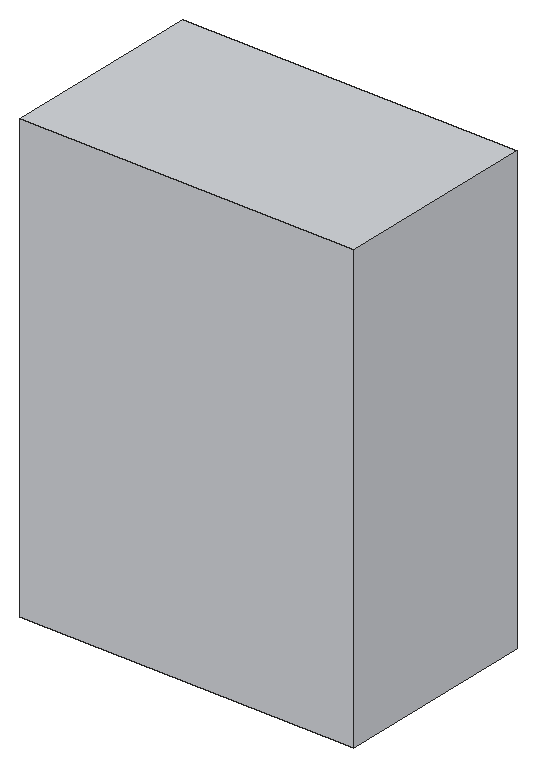
Revit family
Parameters
  hook [instance] = h - 1  # 2
  h [instance] = Unit Width / 0' 8 179/256"  # 3
  ed [instance] = 0' - 8 1/2"
  Warranty Duration (Years) = 0
  Unit Width [instance] = 2' - 6"
  Unit Height [instance] = 0' - 0"
  Unit Depth = 0' - 0"
  URL = "http://www.americanspecialties.com/viewCategories.cfm"
  Trim Material = Rubber
  Test Data = ""
  Specification = "http://www.arcat.com/sdspecs/htm/10810asi.htm"
  SpecWizard = ""
  Send Message = "http://www.arcat.com/users.pl?action=UserEmail&company=American%20Specialties,%20Inc.&coid=30448&rep=139&fax=914-476-0688&mf="
  Sales Information = "http://www.americanspecialties.com/contact"
  Revision = "R1_10-2010"
  Product Properties = "http://www.americanspecialties.com/datasheets/13151.pdf"
  Product Data = "http://www.arcat.com/arcatcos/cos30/arc30448.html"
  Model = "As Specified in 10 28 13"
  Manufacturer Website = "http://www.americanspecialties.com/viewCategories.cfm"
  Manufacturer Phone - Toll Free = ""
  Manufacturer Phone = "914-476-9000 "
  Manufacturer Fax = "914-476-0688"
  Manufacturer Address = "441 Saw Mill River Rd., Yonkers, NY 10701"
  Manufacturer = "American Specialties, Inc."
  Maintenance Schedule (Months) = 0
  Keynote = "10 28 13"
  Installation-Fabrication = "http://www.americanspecialties.com/products.cfm"
  Green Building-LEED = ""
  Expected Lifespan (Years) = 0
  Drawn By = "Robert S. Weygant. CSI, CDT, SCIP"  # constant formula
  Description = "Toilet Accessory as Specified in 10 28 13"
  Default Elevation = 4' - 0"
  Copyright = "©Arcat Inc."
  Construction Details = "http://www.arcat.com/green/clients/leed_data_30448.html"
  Building Codes = "http://www.americanspecialties.com/products.cfm"
  Body Material = Metal - Stainless Steel
  Assembly Code = "C1030210"
Reference planes (in)
  plane 1 "Center (Front/Back)": y = -0.29112
  plane 2 "Floor Line": z = 0
  plane 3 "Center (Left/Right)": x = -0.65843
Forms (in)
  Extrusion 1, solid
    sketch origin (-3, -9, -6) x (0, 0, -1) y (1, 0, 0)
      loop
        line (-82, 56.90407) -> (-82, -0.06991) -> (-6, -0.06991) -> (-6, 56.90407) -> (-82, 56.90407)
    from 9 to -25.60721
  Extrusion 2, solid, material "Metal - Stainless Steel" <- "Body Material"
    sketch origin (-14.31405, -2.48146, -2.61605) x (1, 0, 0) y (0, 0, 1)
      loop
        line (15.15562, 10.61605) -> (18.15562, 10.61605) -> (18.15562, 11.46368) -> (18.03062, 11.46368) -> (18.03062, 10.74105) -> (15.28062, 10.74105) -> (15.28062, 12.51646) -> (15.15562, 12.51646) -> (15.15562, 10.61605)
    from -1.5 to -2.88069
  Extrusion 3, solid, material "Rubber" <- "Trim Material"
    sketch origin (1.375, 0, 4.5) x (1, 0, 0) y (0, 1, 0)
      loop
        arc (1.71876, -0.00164) -> (1.38167, 0.05154) -> (1.04802, -0.02014) r 0.93233
        arc (1.04802, -0.02014) -> (0.90772, -0.07915) -> (0.79313, -0.17932) r 0.47745
        arc (0.79313, -0.17932) -> (0.82811, -0.32067) -> (0.6876, -0.35889) r 0.10417
        arc (0.6876, -0.35889) -> (0.5665, -0.32788) -> (0.49553, -0.22496) r 0.1783
        line (0.49553, -0.22496) -> (0.30272, -0.22496) -> (0.30272, -0.4268)
        arc (0.30272, -0.4268) -> (1.23821, -1.05205) -> (2.33702, -0.8097) r 1.43411
        arc (2.33702, -0.8097) -> (2.14783, -0.3139) -> (1.71876, -0.00164) r 0.93233
    from 3.70633 to 5.00782
  Extrusion 4, solid, material "Rubber" <- "Trim Material"
    sketch origin (1.5, 0, 4.5) x (1, 0, 0) y (0, 1, 0)
      loop
        circle (1.63426, -0.62262) r 0.25
    from 5.00782 to 5.1404
  Extrusion 5, solid, material "Rubber" <- "Trim Material"
    sketch origin (1.5, 0, 4.5) x (1, 0, 0) y (0, 1, 0)
      loop
        circle (0.52944, 0.16479) r 0.08601
      loop
        circle (1.83175, 0.16479) r 0.08601
    from 3.625 to 3.70633
  Extrusion 6, solid, material "Metal - Stainless Steel" <- "Body Material"
    sketch origin (-21.18977, -9.04016, 8) x (0, -1, 0) y (1, 0, 0)
      loop
        line (-7.49904, 20.53134) -> (-7.49904, 50.53134) -> (-9.99904, 50.53134) -> (-9.99904, 20.53134) -> (-7.49904, 20.53134)
    from 0 to -8
  Extrusion 7, solid, material "Metal - Stainless Steel" <- "Body Material"
    sketch origin (5.84157, -1.91667, -2.5) x (0, 1, 0) y (0, 0, 1)
      loop
        line (0.37555, 2.5) -> (0.37555, 7.16667) -> (-3.12445, 2.5) -> (0.37555, 2.5)
    from -2.5 to -4.5
  Extrusion 8, solid, material "Metal - Stainless Steel" <- "Body Material"
    sketch origin (8.84157, 9.56851, 0.88204) x (0, 1, 0) y (0, 0, 1)
      loop
        arc (-8.86039, 7.11796) -> (-8.82914, 7.14921) -> (-8.86039, 7.18046) r 0.03125
        line (-8.86039, 7.18046) -> (-11.60347, 7.18046)
        arc (-11.60347, 7.18046) -> (-12.01131, 7.68046) -> (-11.60347, 8.18046) r 0.51041
        line (-11.60347, 8.18046) -> (-11.19811, 8.18046) -> (-11.19811, 8.24296) -> (-11.60963, 8.24296)
        arc (-11.60963, 8.24296) -> (-12.07381, 7.68046) -> (-11.60963, 7.11796) r 0.57291
        line (-11.60963, 7.11796) -> (-8.86039, 7.11796)
    from 0 to -1
  Extrusion 9, solid, material "Metal - Stainless Steel" <- "Body Material"
    sketch origin (9.68595, -2.48146, -2.61605) x (1, 0, 0) y (0, 0, 1)
      loop
        line (15.15562, 10.61605) -> (18.15562, 10.61605) -> (18.15562, 11.46368) -> (18.03062, 11.46368) -> (18.03062, 10.74105) -> (15.28062, 10.74105) -> (15.28062, 12.51646) -> (15.15562, 12.51646) -> (15.15562, 10.61605)
    from -1.5 to -2.88069
  Extrusion 10, solid, material "Rubber" <- "Trim Material"
    sketch origin (25.375, 0, 4.5) x (1, 0, 0) y (0, 1, 0)
      loop
        arc (1.71876, -0.00164) -> (1.38167, 0.05154) -> (1.04802, -0.02014) r 0.93233
        arc (1.04802, -0.02014) -> (0.90772, -0.07915) -> (0.79313, -0.17932) r 0.47745
        arc (0.79313, -0.17932) -> (0.82811, -0.32067) -> (0.6876, -0.35889) r 0.10417
        arc (0.6876, -0.35889) -> (0.5665, -0.32788) -> (0.49553, -0.22496) r 0.1783
        line (0.49553, -0.22496) -> (0.30272, -0.22496) -> (0.30272, -0.4268)
        arc (0.30272, -0.4268) -> (1.23821, -1.05205) -> (2.33702, -0.8097) r 1.43411
        arc (2.33702, -0.8097) -> (2.14783, -0.3139) -> (1.71876, -0.00164) r 0.93233
    from 3.70633 to 5.00782
  Extrusion 11, solid, material "Rubber" <- "Trim Material"
    sketch origin (25.5, 0, 4.5) x (1, 0, 0) y (0, 1, 0)
      loop
        circle (1.63426, -0.62262) r 0.25
    from 5.00782 to 5.1404
  Extrusion 12, solid, material "Rubber" <- "Trim Material"
    sketch origin (25.5, 0, 4.5) x (1, 0, 0) y (0, 1, 0)
      loop
        circle (0.52944, 0.16479) r 0.08601
      loop
        circle (1.83175, 0.16479) r 0.08601
    from 3.625 to 3.70633
  Extrusion 13, solid, material "Metal - Stainless Steel" <- "Body Material"
    sketch origin (-2.31405, -2.48146, -2.61605) x (1, 0, 0) y (0, 0, 1)
      loop
        line (15.15562, 10.61605) -> (18.15562, 10.61605) -> (18.15562, 11.46368) -> (18.03062, 11.46368) -> (18.03062, 10.74105) -> (15.28062, 10.74105) -> (15.28062, 12.51646) -> (15.15562, 12.51646) -> (15.15562, 10.61605)
    from -1.5 to -2.88069
  Extrusion 14, solid, material "Rubber" <- "Trim Material"
    sketch origin (13.375, 0, 4.5) x (1, 0, 0) y (0, 1, 0)
      loop
        arc (1.71876, -0.00164) -> (1.38167, 0.05154) -> (1.04802, -0.02014) r 0.93233
        arc (1.04802, -0.02014) -> (0.90772, -0.07915) -> (0.79313, -0.17932) r 0.47745
        arc (0.79313, -0.17932) -> (0.82811, -0.32067) -> (0.6876, -0.35889) r 0.10417
        arc (0.6876, -0.35889) -> (0.5665, -0.32788) -> (0.49553, -0.22496) r 0.1783
        line (0.49553, -0.22496) -> (0.30272, -0.22496) -> (0.30272, -0.4268)
        arc (0.30272, -0.4268) -> (1.23821, -1.05205) -> (2.33702, -0.8097) r 1.43411
        arc (2.33702, -0.8097) -> (2.14783, -0.3139) -> (1.71876, -0.00164) r 0.93233
    from 3.70633 to 5.00782
  Extrusion 15, solid, material "Rubber" <- "Trim Material"
    sketch origin (13.5, 0, 4.5) x (1, 0, 0) y (0, 1, 0)
      loop
        circle (1.63426, -0.62262) r 0.25
    from 5.00782 to 5.1404
  Extrusion 16, solid, material "Rubber" <- "Trim Material"
    sketch origin (13.5, 0, 4.5) x (1, 0, 0) y (0, 1, 0)
      loop
        circle (0.52944, 0.16479) r 0.08601
      loop
        circle (1.83175, 0.16479) r 0.08601
    from 3.625 to 3.70633
  Extrusion 17, solid, material "Metal - Stainless Steel" <- "Body Material"
    sketch origin (22.84157, -1.91667, -2.5) x (0, 1, 0) y (0, 0, -1)
      loop
        line (0.37555, -2.5) -> (-3.12445, -2.5) -> (0.37555, -7.16667) -> (0.37555, -2.5)
    from -2.5 to -4.5
  Extrusion 18, solid, material "Metal - Stainless Steel" <- "Body Material"
    sketch origin (-0.65843, 0, 0) x (0, 1, 0) y (0, 0, 1)
      loop
        circle (-1.79112, 3.25) r 0.125
    from 2 to 28
  Extrusion 19, solid, material "Metal - Stainless Steel" <- "Body Material"
    sketch origin (20.84157, 9.56851, 0.88204) x (0, 1, 0) y (0, 0, 1)
      loop
        arc (-8.86039, 7.11796) -> (-8.82914, 7.14921) -> (-8.86039, 7.18046) r 0.03125
        line (-8.86039, 7.18046) -> (-11.60347, 7.18046)
        arc (-11.60347, 7.18046) -> (-12.01131, 7.68046) -> (-11.60347, 8.18046) r 0.51041
        line (-11.60347, 8.18046) -> (-11.19811, 8.18046) -> (-11.19811, 8.24296) -> (-11.60963, 8.24296)
        arc (-11.60963, 8.24296) -> (-12.07381, 7.68046) -> (-11.60963, 7.11796) r 0.57291
        line (-11.60963, 7.11796) -> (-8.86039, 7.11796)
    from 0 to -1
Dimensions and locks (in)
  "Unit Width": Extrusion 6 to Extrusion 6
  locked: Extrusion 6 to Extrusion 2 at 1.5
  locked: Extrusion 9 to Extrusion 6 at 1.5
  locked: Extrusion 17 to Extrusion 6 at 2
  locked: Extrusion 6 to Extrusion 7 at 2
  locked: Extrusion 17 to Extrusion 17 at 2
  locked: Extrusion 7 to Extrusion 7 at 2
  "ed": Extrusion 6 to Extrusion 8
  group 1 to group 2 = 1' - 0"
  group 1 to group 2 = 0' - 0"  (x2)
  "ed": Extrusion 19 to Extrusion 6
  aligned and locked: Extrusion 1 to level
  aligned and locked: Extrusion 3 to Extrusion 4
  aligned and locked: Extrusion 10 to Extrusion 11
  aligned and locked: Extrusion 14 to Extrusion 15
  aligned and locked: Extrusion 7 to Extrusion 18
  aligned and locked: Extrusion 17 to Extrusion 18
Automatic sketch dimensions
  Extrusion 1 sketch curve to Extrusion 1 sketch curve = 6' - 4"
  Extrusion 1 sketch curve to Extrusion 1 sketch curve = 4' - 8.97398"
  Extrusion 6 sketch curve to plane 3 "Center (Left/Right)" = 0' - 0"
  Extrusion 6 sketch curve to plane 1 "Center (Front/Back)" = 0' - 1 1/4"
  plane 1 "Center (Front/Back)" to Extrusion 6 sketch curve = 0' - 1 1/4"
  plane 3 "Center (Left/Right)" to Extrusion 6 sketch curve = 2' - 6"
  Extrusion 7 sketch curve to level = 0' - 0"
  plane 1 "Center (Front/Back)" to Extrusion 7 sketch curve = 0' - 4 3/4"
  plane 1 "Center (Front/Back)" to Extrusion 7 sketch curve = 0' - 1 1/4"
  level to Extrusion 7 sketch curve = 0' - 4.66667"
  Extrusion 17 sketch curve to level = 0' - 0"
  plane 1 "Center (Front/Back)" to Extrusion 17 sketch curve = 0' - 4 3/4"
  plane 1 "Center (Front/Back)" to Extrusion 17 sketch curve = 0' - 1 1/4"
  level to Extrusion 17 sketch curve = 0' - 4.66667"
  plane 1 "Center (Front/Back)" to Extrusion 18 sketch curve = 0' - 1 1/2"
  level to Extrusion 18 sketch curve = 0' - 3 1/4"
  radius of Extrusion 18 sketch curve = 0' - 0 1/8"
